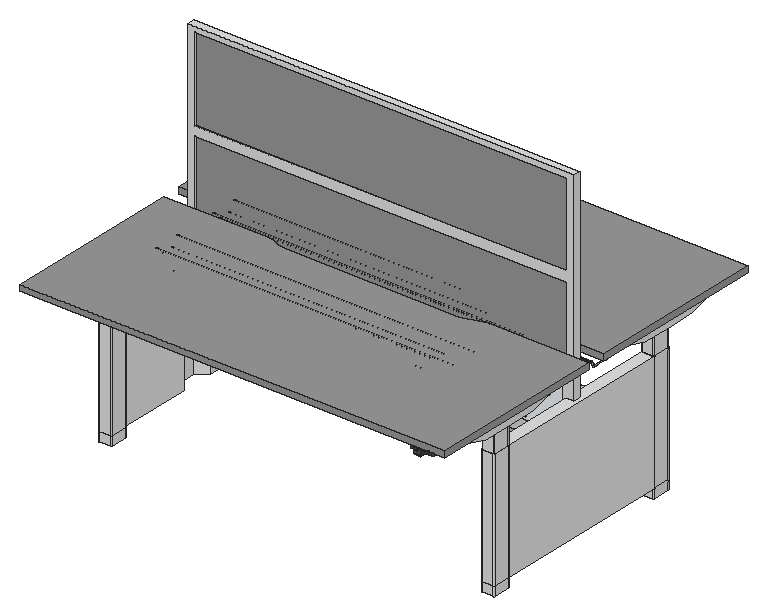
Revit family "Rise Squared Rectangular Desk A&B", category Furniture, Revit 2016
Family settings
  OmniClass Number = 23.40.20.00
  OmniClass Title = General Furniture and Specialties
  Work Plane-Based = No
  Always vertical = Yes
  Cut with Voids When Loaded = No
  Shared = No
  Room Calculation Point = No
Parameters (values of type "1800 x 800")
  Width = 1800 mm
  URL = "www.gof.co.uk"
  Type Comments = ""
  Range = "RISE SQUARED"
  Product Code = "HBS1816"
  Part Glazed Screen [instance] = no
  HeightControl B [instance] = if(Height B < 630 mm, 630 mm, (if(Height B > 1280 mm, 1280 mm, Height B)))  # 727 mm
  HeightControl A [instance] = if(Height A < 630 mm, 630 mm, (if(Height A > 1280 mm, 1280 mm, Height A)))  # 727 mm
  Height B [instance] = 727 mm
  Height A [instance] = 727 mm
  Fabric Screen [instance] = yes
  Endframe Infill Panel Visible [instance] = yes
  Endframe Infill Panel = ""
  Desktop = Gresham - Midnight Ash
  Model = ""
  Manufacturer = "Gresham Office Furniture"  # constant formula
  Frame = Gresham - Silver Metal
  Foot = Gresham - Black Plastic
  Cable Tray Visible [instance] = yes
  Cable Tray = ""
  Assembly Code = "E2020200"
Reference planes
  plane 1 "Center (Front/Back)": y = 0
  plane 2: z = 0
  plane 3 "Center (Left/Right)": x = 0
  plane 4: x = -900
  plane 5: x = 900
  plane 6 "Desktop Underside A": z = 702
  plane 7: y = 380
  plane 8: y = -380
  plane 9 "Foot": z = 15
  plane 10 "Desktop A": z = 727
  plane 11: x = 595.86
  plane 12: x = -595.86
  plane 13 "Controls": x = 850
  plane 14: y = 460
  plane 15: y = 1220
  plane 16: x = -850
  plane 17 "Desktop B": z = 727
  plane 18 "Desktop Underside B": z = 702
Forms (mm)
  Extrusion 1, solid, material "Gresham - Silver Metal" <- "Frame"
    sketch origin (-20.86, 1142, 0) x (0, -1, 0) y (0, 0, -1)
      loop
        line (344.5, -657) -> (310, -657)
        arc (310, -657) -> (307.879, -657.879) -> (307, -660) r 3
        line (307, -660) -> (307, -667) -> (309, -667) -> (309, -660)
        arc (309, -660) -> (309.293, -659.293) -> (310, -659) r 1
        line (310, -659) -> (344.5, -659)
        arc (344.5, -659) -> (345.207, -659.293) -> (345.5, -660) r 1
        line (345.5, -660) -> (345.5, -699)
        arc (345.5, -699) -> (345.207, -699.707) -> (344.5, -700) r 1
        line (344.5, -700) -> (307, -700) -> (307, -702) -> (344.5, -702)
        arc (344.5, -702) -> (346.621, -701.121) -> (347.5, -699) r 3
        line (347.5, -699) -> (347.5, -660)
        arc (347.5, -660) -> (346.621, -657.879) -> (344.5, -657) r 3
    from -575 to 616.72
  Extrusion 2, solid, material "Gresham - Midnight Ash" <- "Desktop"
    sketch origin (0, 0, 975) x (-1, 0, 0) y (0, -1, 0)
      loop
        arc (-416.673, -367.5) -> (-390.732, -358.167) -> (-363.346, -355) r 120
        line (-363.346, -355) -> (363.346, -355)
        arc (363.346, -355) -> (390.732, -358.167) -> (416.673, -367.5) r 120
        arc (416.673, -367.5) -> (442.614, -376.833) -> (470, -380) r 120
        line (470, -380) -> (900, -380) -> (900, 380) -> (-900, 380) -> (-900, -380) -> (-470, -380)
        arc (-470, -380) -> (-442.614, -376.833) -> (-416.673, -367.5) r 120
    from -273 to -248
  Extrusion 3, solid, material "Gresham - Midnight Ash" <- "Desktop"
    sketch origin (0, 840, 702) x (1, 0, 0) y (0, 1, 0)
      loop
        arc (-416.673, -367.5) -> (-390.732, -358.167) -> (-363.346, -355) r 120
        line (-363.346, -355) -> (363.346, -355)
        arc (363.346, -355) -> (390.732, -358.167) -> (416.673, -367.5) r 120
        arc (416.673, -367.5) -> (442.614, -376.833) -> (470, -380) r 120
        line (470, -380) -> (900, -380) -> (900, 380) -> (-900, 380) -> (-900, -380) -> (-470, -380)
        arc (-470, -380) -> (-442.614, -376.833) -> (-416.673, -367.5) r 120
    from 0 to 25
  Extrusion 4, solid, material "Gresham - Silver Metal" <- "Frame"
    sketch origin (4.502, 0, -37.004) x (1, 0, 0) y (0, 0, 1)
      loop
        line (-794.514, 532.004) -> (-834.514, 532.004) -> (-834.514, 452.004) -> (-794.514, 452.004) -> (-794.514, 532.004)
    from -802 to -38
  Extrusion 5, solid, material "Gresham - Silver Metal" <- "Frame"
    sketch origin (-4.502, 0, -37.004) x (-1, 0, 0) y (0, 0, -1)
      loop
        line (-794.514, -532.004) -> (-794.514, -452.004) -> (-834.514, -452.004) -> (-834.514, -532.004) -> (-794.514, -532.004)
    from -802 to -38
  Extrusion 6, solid
    sketch origin (0, 0, 0) x (0, 1, 0) y (0, 0, 1)
      loop
        line (5, 702) -> (5, 700) -> (42.5, 700)
        arc (42.5, 700) -> (43.207, 699.707) -> (43.5, 699) r 1
        line (43.5, 699) -> (43.5, 660)
        arc (43.5, 660) -> (43.207, 659.293) -> (42.5, 659) r 1
        line (42.5, 659) -> (8, 659)
        arc (8, 659) -> (7.293, 659.293) -> (7, 660) r 1
        line (7, 660) -> (7, 667) -> (5, 667) -> (5, 660)
        arc (5, 660) -> (5.879, 657.879) -> (8, 657) r 3
        line (8, 657) -> (42.5, 657)
        arc (42.5, 657) -> (44.621, 657.879) -> (45.5, 660) r 3
        line (45.5, 660) -> (45.5, 699)
        arc (45.5, 699) -> (44.621, 701.121) -> (42.5, 702) r 3
        line (42.5, 702) -> (5, 702)
    from -595.86 to 595.86
Dimensions and locks
  equal spacing: plane 4, plane 3 "Center (Left/Right)", plane 5
  "Width": plane 4 to plane 5
  locked: plane 2 to plane 9 "Foot" at 15
  locked: plane 11 to plane 5 at 304.14
  locked: plane 4 to plane 12 at 304.14
  locked: plane 13 "Controls" to plane 5 at 50
  locked: plane 4 to nested 2 at 100
  locked: nested 2 to plane 5 at 100
  locked: plane 7 to nested 2 at 53.5
  locked: nested 3 to plane 5 at 32.489
  locked: plane 5 to nested 3 at 32.489
  locked: plane 4 to nested 4 at 32.489
  locked: nested 4 to plane 4 at 32.489
  locked: plane 7 to plane 8 at 760
  equal spacing: plane 7, plane 1 "Center (Front/Back)", plane 8
  plane 8 to plane 15 = 1600 mm
  locked: Extrusion 1 sketch curve to Extrusion 1 sketch curve at 41
  locked: nested 5 to plane 5 at 32.489
  locked: plane 5 to nested 5 at 32.489
  locked: plane 4 to nested 6 at 32.489
  locked: nested 6 to plane 4 at 32.489
  locked: plane 4 to plane 16 at 50
  Extrusion 2 sketch curve to Extrusion 2 sketch curve = 430 mm  (x2)
  locked: Extrusion 2 sketch curve to nested 2 at 25
  Extrusion 2 to nested 2 = 363.346 mm
  nested 2 to Extrusion 2 = 363.346 mm
  Extrusion 3 sketch curve to Extrusion 3 sketch curve = 430 mm  (x2)
  plane 3 "Center (Left/Right)" to Extrusion 3 = 363.346 mm
  Extrusion 3 to plane 3 "Center (Left/Right)" = 363.346 mm
  locked: Extrusion 3 sketch curve to plane 14 at 25
  locked: plane 4 to Extrusion 4 at 69.989
  locked: Extrusion 5 to plane 5 at 69.989
  locked: plane 4 to nested 8 at 100
  locked: plane 14 to nested 8 at 53.5
  locked: nested 8 to plane 5 at 100
  locked: level to Extrusion 4 at 415
  locked: level to Extrusion 5 at 415
  locked: nested 10 to plane 5 at 62.076
  locked: plane 4 to nested 11 at 62.076
  "HeightControl A": plane 10 "Desktop A" to plane 2
  "HeightControl B": plane 17 "Desktop B" to level
  locked: plane 17 "Desktop B" to plane 18 "Desktop Underside B" at 25
  locked: plane 10 "Desktop A" to plane 6 "Desktop Underside A" at 25
  locked: Extrusion 6 sketch curve to Extrusion 6 sketch curve at 41
  aligned and locked: level to plane 2
  aligned and locked: nested 1 to plane 13 "Controls"
  aligned and locked: nested 1 to plane 8
  aligned and locked: plane 12 to Extrusion 1
  aligned and locked: plane 11 to Extrusion 1
  aligned and locked: nested 7 to plane 16
  aligned and locked: plane 6 "Desktop Underside A" to nested 7
  aligned and locked: Extrusion 2 to plane 4
  aligned and locked: Extrusion 2 to plane 5
  aligned and locked: plane 10 "Desktop A" to Extrusion 3
  aligned and locked: Extrusion 3 to plane 6 "Desktop Underside A"
  aligned and locked: Extrusion 4 to nested 4
  aligned and locked: Extrusion 4 to nested 6
  aligned and locked: nested 8 to plane 6 "Desktop Underside A"
  aligned and locked: nested 2 to Extrusion 2
  aligned and locked: plane 18 "Desktop Underside B" to nested 1
  aligned and locked: Extrusion 2 to plane 17 "Desktop B"
  aligned and locked: Extrusion 2 to plane 18 "Desktop Underside B"
  aligned and locked: plane 11 to Extrusion 6
  aligned and locked: plane 12 to Extrusion 6
Automatic sketch dimensions
  Extrusion 1 sketch curve to Extrusion 1 sketch curve = 0 mm  (x7)
  Extrusion 1 sketch curve to plane 6 "Desktop Underside A" = 0 mm
  Extrusion 1 sketch curve to plane 6 "Desktop Underside A" = 35 mm
  Extrusion 1 sketch curve to plane 14 = 375 mm
  Extrusion 1 sketch curve to plane 6 "Desktop Underside A" = 2 mm
  Extrusion 1 sketch curve to Extrusion 1 sketch curve = 1 mm  (x2)
  Extrusion 1 sketch curve to Extrusion 1 sketch curve = 37.5 mm
  Extrusion 1 sketch curve to Extrusion 1 sketch curve = 34.5 mm
  Extrusion 2 sketch curve to plane 5 = 0 mm
  Extrusion 2 sketch curve to plane 7 = 0 mm  (x2)
  Extrusion 2 sketch curve to plane 4 = 0 mm
  Extrusion 2 sketch curve to plane 8 = 0 mm
  Extrusion 2 sketch curve to plane 14 = 15 mm  (x2)
  Extrusion 2 sketch curve to Extrusion 2 sketch curve = 106.654 mm  (x2)
  Extrusion 2 sketch curve to plane 7 = 120 mm  (x2)
  Extrusion 3 sketch curve to plane 4 = 0 mm
  plane 14 to Extrusion 3 sketch curve = 0 mm  (x2)
  Extrusion 3 sketch curve to plane 5 = 0 mm
  plane 15 to Extrusion 3 sketch curve = 0 mm
  Extrusion 3 sketch curve to plane 7 = 15 mm  (x2)
  Extrusion 3 sketch curve to Extrusion 3 sketch curve = 106.654 mm  (x2)
  Extrusion 3 sketch curve to Extrusion 3 sketch curve = 120 mm  (x2)
  plane 16 to Extrusion 4 sketch curve = 19.989 mm
  Extrusion 4 sketch curve to Extrusion 4 sketch curve = 40 mm
  Extrusion 4 sketch curve to plane 6 "Desktop Underside A" = 287 mm
  Extrusion 4 sketch curve to Extrusion 4 sketch curve = 80 mm
  Extrusion 5 sketch curve to plane 13 "Controls" = 19.989 mm
  Extrusion 5 sketch curve to Extrusion 5 sketch curve = 40 mm
  plane 6 "Desktop Underside A" to Extrusion 5 sketch curve = 287 mm
  Extrusion 5 sketch curve to Extrusion 5 sketch curve = 80 mm
  Extrusion 6 sketch curve to Extrusion 6 sketch curve = 0 mm  (x5)
  Extrusion 6 sketch curve to plane 18 "Desktop Underside B" = 0 mm
  Extrusion 6 sketch curve to plane 1 "Center (Front/Back)" = 5 mm  (x2)
  Extrusion 6 sketch curve to Extrusion 6 sketch curve = 2 mm  (x2)
  Extrusion 6 sketch curve to Extrusion 6 sketch curve = 1 mm  (x2)
  Extrusion 6 sketch curve to Extrusion 6 sketch curve = 34.5 mm
  Extrusion 6 sketch curve to Extrusion 6 sketch curve = 37.5 mm
  Extrusion 6 sketch curve to Extrusion 6 sketch curve = 7 mm
Nested families
  nested 1: "Controls" at (800, -347.5, 690), type "Controls"
  nested 2: "Cable Tray" at (0, -20, 0), type "Cable Tray"
    with HeightControl 727 mm, Height 727 mm
  nested 3: "Rise Squared Leg" at (5, -202, 0), Height <- "HeightControl B", type "Rise Squared Leg"
    with HeightControl 727 mm, Height 727 mm
  nested 4: "Rise Squared Leg" at (-5, -202, 0) x (-1, 0, 0) z (0, 0, 1), Height <- "HeightControl B", type "Rise Squared Leg"
    with HeightControl 727 mm, Height 727 mm
  nested 5: "Rise Squared Leg" at (5, 1042, 0), Height <- "HeightControl A", type "Rise Squared Leg"
    with HeightControl 727 mm, Height 727 mm
  nested 6: "Rise Squared Leg" at (-5, 1042, 0) x (-1, 0, 0) z (0, 0, 1), Height <- "HeightControl A", type "Rise Squared Leg"
    with HeightControl 727 mm, Height 727 mm
  nested 7: "Controls" at (-800, 1187.5, 690) x (-1, 0, 0) z (0, 0, 1), type "Controls"
  nested 8: "Cable Tray" at (0, 860, 0), type "Cable Tray"
    with HeightControl 727 mm, Height 727 mm
  nested 9: "Cable Trough" at (0, 0, -2), type "1800 x 800"
  nested 10: "Endframe Infill Panel" at (0, 0, 0), Endframe Infill Panel Visible <- "Endframe Infill Panel Visible", type "Endframe Infill Panel"
    with Endframe Infill Panel Visible yes
  nested 11: "Endframe Infill Panel" at (0, 0, 0) x (-1, 0, 0) z (0, 0, 1), Endframe Infill Panel Visible <- "Endframe Infill Panel Visible", type "Endframe Infill Panel"
    with Endframe Infill Panel Visible yes
  nested 12: "Fabric Screen" at (0, 0, 0), visible <- "Fabric Screen", type "Fabric Screen"
  nested 13: "Part Glazed Screen" at (0, 0, 0), visible <- "Part Glazed Screen", type "Part Glazed Screen"
Definition of nested family "Controls"
  Parameters (values of type "Controls")
    URL = "www.gof.co.uk"
    Rubber Keys = none
    Range = "RANGE LT"
    Product Code = "Controls"
    Plastic Case = none
    Manufacturer = "Gresham Office Furniture"  # constant formula
  Reference planes
    plane 1 "Center (Front/Back)": y = 0
    plane 2: z = 0
    plane 3 "Center (Left/Right)": x = 0
  Forms (mm)
    Extrusion 1, solid, material <- "Plastic Case"
      sketch origin (0, 0, 0) x (1, 0, 0) y (0, 1, 0)
        loop
          arc (-45, 32.5) -> (-48.536, 31.036) -> (-50, 27.5) r 5
          line (-50, 27.5) -> (-50, -27.5)
          arc (-50, -27.5) -> (-48.536, -31.036) -> (-45, -32.5) r 5
          line (-45, -32.5) -> (45, -32.5)
          arc (45, -32.5) -> (48.536, -31.036) -> (50, -27.5) r 5
          line (50, -27.5) -> (50, 27.5)
          arc (50, 27.5) -> (48.536, 31.036) -> (45, 32.5) r 5
          line (45, 32.5) -> (-45, 32.5)
      from 0 to 12
    Sweep 2, solid, material <- "Plastic Case"
      path origin (0, 0, 2) x (0, 1, 0) y (0, 0, 1)
        loop
          line (-32.5, 6) -> (-36.392, 6)
          arc (-36.392, 6) -> (-37.474, 5.881) -> (-38.505, 5.532) r 5
          line (-38.505, 5.532) -> (-55.626, -2.452)
      profile origin (0, -34.446, 8) x (0, 0, -1) y (1, 0, 0)
        loop
          line (-4, 30) -> (-4, -30) -> (4, -30) -> (4, 30) -> (-4, 30)
    Extrusion 3, void
      sketch origin (-30, -40.195, 11.157) x (0, -0.906308, -0.422618) y (1, 0, 0)
        loop
          line (18.892, 75) -> (-7.33, 75) -> (-7.33, 60) -> (10.178, 50.091)
          arc (10.178, 50.091) -> (14.833, 46.912) -> (18.892, 43) r 33.579
          line (18.892, 43) -> (18.892, 75)
      from -13.674 to 7.77
    Extrusion 4, void
      sketch origin (30, -40.195, 11.157) x (0, -0.906308, -0.422618) y (1, 0, 0)
        loop
          line (18.892, -75) -> (18.892, -43)
          arc (18.892, -43) -> (14.833, -46.912) -> (10.178, -50.091) r 33.579
          line (10.178, -50.091) -> (-7.33, -60) -> (-7.33, -75) -> (18.892, -75)
      from -13.674 to 7.77
    Extrusion 5, solid, material <- "Rubber Keys"
      sketch origin (-30, -40.195, 11.157) x (0, -0.906308, -0.422618) y (1, 0, 0)
        loop
          line (0.281, 19.363) -> (8.531, 14.6) -> (8.531, 24.126) -> (0.281, 19.363)
        loop
          line (0.656, 35.874) -> (8.906, 40.637) -> (0.656, 45.4) -> (0.656, 35.874)
      from 0 to 1.5
  Cuts and joins
    Extrusion 3, Extrusion 4 cuts Sweep 2
  Dimensions and locks
    aligned and locked: level to plane 2
Definition of nested family "Cable Tray"
  Parameters (values of type "Cable Tray")
    Width = 1800 mm
    URL = "www.gof.co.uk"
    Type Comments = ""
    Range = "RISE LT"
    Product Code = ""
    Modesty Panel = none
    HeightControl [instance] = if(Height < 720 mm, 720 mm, (if(Height > 1200 mm, 1200 mm, Height)))  # 727 mm
    Height [instance] = 727 mm
    Desktop = none
    Model = ""
    Manufacturer = "Gresham Office Furniture"  # constant formula
    Frame = none
    Foot = none
    Cable Tray Clips = none
    Cable Tray = yes
    Assembly Code = "E2020200"
  Reference planes
    plane 1 "Center (Front/Back)": y = 0
    plane 2: z = 0
    plane 3 "Center (Left/Right)": x = 0
    plane 4: x = -900
    plane 5: x = 900
    plane 6 "Desktop Underside": z = 702
    plane 7: y = 400
    plane 8: y = -400
    plane 9 "Foot": z = 15
    plane 10: z = 727
    plane 11 "Cable Tray Left": x = -800
    plane 12 "Cable Tray Right": x = 800
  Forms (mm)
    Extrusion 1, solid, material <- "Frame", visible <- "Cable Tray"
      sketch origin (0, 12.089, -4.885) x (0, 1, 0) y (0, 0, 1)
        loop
          circle (301.911, 615.385) r 1.5
        loop
          circle (251.911, 615.385) r 1.5
        loop
          circle (220.911, 645.385) r 1.5
        loop
          circle (332.911, 645.385) r 1.5
      from -800 to 800
    Sweep 2, solid, material <- "Frame", visible <- "Cable Tray"
      path in 3D
        loop
          line (0, 341.76, 640.5) -> (0, 333.661, 615.573)
          arc (0, 333.661, 615.573) -> (0, 332.571, 614.073) -> (0, 330.808, 613.5) r 3
          line (0, 330.808, 613.5) -> (0, 247.192, 613.5)
          arc (0, 247.192, 613.5) -> (0, 245.429, 614.073) -> (0, 244.339, 615.573) r 3
          line (0, 244.339, 615.573) -> (0, 236.24, 640.5)
      profile origin (0, 289, 613.5) x (0, 0, 1) y (-1, 0, 0)
        loop
          circle (0, 0) r 1.5
    Sweep 3, solid, material <- "Frame", visible <- "Cable Tray", not visible
      path in 3D
        loop
          line (0, 329.671, 645.385) -> (0, 321.572, 620.458)
          arc (0, 321.572, 620.458) -> (0, 320.482, 618.958) -> (0, 318.719, 618.385) r 3
          line (0, 318.719, 618.385) -> (0, 235.103, 618.385)
          arc (0, 235.103, 618.385) -> (0, 233.34, 618.958) -> (0, 232.25, 620.458) r 3
          line (0, 232.25, 620.458) -> (0, 224.151, 645.385)
      profile origin (0, 276.911, 618.385) x (0, 0, 1) y (-1, 0, 0)
        loop
          circle (0, 0) r 1.5
    Sweep 4, solid, material <- "Frame", visible <- "Cable Tray"
      path in 3D
        loop
          line (800, 342.073, 640.5) -> (800, 333.974, 615.573)
          arc (800, 333.974, 615.573) -> (800, 332.884, 614.073) -> (800, 331.121, 613.5) r 3
          line (800, 331.121, 613.5) -> (800, 247.505, 613.5)
          arc (800, 247.505, 613.5) -> (800, 245.742, 614.073) -> (800, 244.652, 615.573) r 3
          line (800, 244.652, 615.573) -> (800, 236.553, 640.5)
      profile origin (800, 289.313, 613.5) x (0, 0, 1) y (-1, 0, 0)
        loop
          circle (0, 0) r 1.5
    Sweep 5, solid, material <- "Frame", visible <- "Cable Tray"
      path in 3D
        loop
          line (-800, 342.073, 640.5) -> (-800, 333.974, 615.573)
          arc (-800, 333.974, 615.573) -> (-800, 332.884, 614.073) -> (-800, 331.121, 613.5) r 3
          line (-800, 331.121, 613.5) -> (-800, 247.505, 613.5)
          arc (-800, 247.505, 613.5) -> (-800, 245.742, 614.073) -> (-800, 244.652, 615.573) r 3
          line (-800, 244.652, 615.573) -> (-800, 236.553, 640.5)
      profile origin (-800, 289.313, 613.5) x (0, 0, 1) y (-1, 0, 0)
        loop
          circle (0, 0) r 1.5
    Sweep 6, solid, material <- "Frame", visible <- "Cable Tray"
      path in 3D
        loop
          line (100, 341.76, 640.5) -> (100, 333.661, 615.573)
          arc (100, 333.661, 615.573) -> (100, 332.571, 614.073) -> (100, 330.808, 613.5) r 3
          line (100, 330.808, 613.5) -> (100, 247.192, 613.5)
          arc (100, 247.192, 613.5) -> (100, 245.429, 614.073) -> (100, 244.339, 615.573) r 3
          line (100, 244.339, 615.573) -> (100, 236.24, 640.5)
      profile origin (100, 289, 613.5) x (0, 0, 1) y (-1, 0, 0)
        loop
          circle (0, 0) r 1.5
    Sweep 7, solid, material <- "Frame", visible <- "Cable Tray"
      path in 3D
        loop
          line (300, 341.76, 640.5) -> (300, 333.661, 615.573)
          arc (300, 333.661, 615.573) -> (300, 332.571, 614.073) -> (300, 330.808, 613.5) r 3
          line (300, 330.808, 613.5) -> (300, 247.192, 613.5)
          arc (300, 247.192, 613.5) -> (300, 245.429, 614.073) -> (300, 244.339, 615.573) r 3
          line (300, 244.339, 615.573) -> (300, 236.24, 640.5)
      profile origin (300, 289, 613.5) x (0, 0, 1) y (-1, 0, 0)
        loop
          circle (0, 0) r 1.5
    Sweep 8, solid, material <- "Frame", visible <- "Cable Tray"
      path in 3D
        loop
          line (400, 341.76, 640.5) -> (400, 333.661, 615.573)
          arc (400, 333.661, 615.573) -> (400, 332.571, 614.073) -> (400, 330.808, 613.5) r 3
          line (400, 330.808, 613.5) -> (400, 247.192, 613.5)
          arc (400, 247.192, 613.5) -> (400, 245.429, 614.073) -> (400, 244.339, 615.573) r 3
          line (400, 244.339, 615.573) -> (400, 236.24, 640.5)
      profile origin (400, 289, 613.5) x (0, 0, 1) y (-1, 0, 0)
        loop
          circle (0, 0) r 1.5
    Sweep 9, solid, material <- "Frame", visible <- "Cable Tray"
      path in 3D
        loop
          line (500, 341.76, 640.5) -> (500, 333.661, 615.573)
          arc (500, 333.661, 615.573) -> (500, 332.571, 614.073) -> (500, 330.808, 613.5) r 3
          line (500, 330.808, 613.5) -> (500, 247.192, 613.5)
          arc (500, 247.192, 613.5) -> (500, 245.429, 614.073) -> (500, 244.339, 615.573) r 3
          line (500, 244.339, 615.573) -> (500, 236.24, 640.5)
      profile origin (500, 289, 613.5) x (0, 0, 1) y (-1, 0, 0)
        loop
          circle (0, 0) r 1.5
    Sweep 10, solid, material <- "Frame", visible <- "Cable Tray"
      path in 3D
        loop
          line (600, 341.76, 640.5) -> (600, 333.661, 615.573)
          arc (600, 333.661, 615.573) -> (600, 332.571, 614.073) -> (600, 330.808, 613.5) r 3
          line (600, 330.808, 613.5) -> (600, 247.192, 613.5)
          arc (600, 247.192, 613.5) -> (600, 245.429, 614.073) -> (600, 244.339, 615.573) r 3
          line (600, 244.339, 615.573) -> (600, 236.24, 640.5)
      profile origin (600, 289, 613.5) x (0, 0, 1) y (-1, 0, 0)
        loop
          circle (0, 0) r 1.5
    Sweep 11, solid, material <- "Frame", visible <- "Cable Tray"
      path in 3D
        loop
          line (700, 341.76, 640.5) -> (700, 333.661, 615.573)
          arc (700, 333.661, 615.573) -> (700, 332.571, 614.073) -> (700, 330.808, 613.5) r 3
          line (700, 330.808, 613.5) -> (700, 247.192, 613.5)
          arc (700, 247.192, 613.5) -> (700, 245.429, 614.073) -> (700, 244.339, 615.573) r 3
          line (700, 244.339, 615.573) -> (700, 236.24, 640.5)
      profile origin (700, 289, 613.5) x (0, 0, 1) y (-1, 0, 0)
        loop
          circle (0, 0) r 1.5
    Sweep 12, solid, material <- "Frame", visible <- "Cable Tray"
      path in 3D
        loop
          line (200, 341.76, 640.5) -> (200, 333.661, 615.573)
          arc (200, 333.661, 615.573) -> (200, 332.571, 614.073) -> (200, 330.808, 613.5) r 3
          line (200, 330.808, 613.5) -> (200, 247.192, 613.5)
          arc (200, 247.192, 613.5) -> (200, 245.429, 614.073) -> (200, 244.339, 615.573) r 3
          line (200, 244.339, 615.573) -> (200, 236.24, 640.5)
      profile origin (200, 289, 613.5) x (0, 0, 1) y (-1, 0, 0)
        loop
          circle (0, 0) r 1.5
    Sweep 13, solid, material <- "Frame", visible <- "Cable Tray"
      path in 3D
        loop
          line (-100, 341.76, 640.5) -> (-100, 333.661, 615.573)
          arc (-100, 333.661, 615.573) -> (-100, 332.571, 614.073) -> (-100, 330.808, 613.5) r 3
          line (-100, 330.808, 613.5) -> (-100, 247.192, 613.5)
          arc (-100, 247.192, 613.5) -> (-100, 245.429, 614.073) -> (-100, 244.339, 615.573) r 3
          line (-100, 244.339, 615.573) -> (-100, 236.24, 640.5)
      profile origin (-100, 289, 613.5) x (0, 0, 1) y (-1, 0, 0)
        loop
          circle (0, 0) r 1.5
    Sweep 14, solid, material <- "Frame", visible <- "Cable Tray"
      path in 3D
        loop
          line (-300, 341.76, 640.5) -> (-300, 333.661, 615.573)
          arc (-300, 333.661, 615.573) -> (-300, 332.571, 614.073) -> (-300, 330.808, 613.5) r 3
          line (-300, 330.808, 613.5) -> (-300, 247.192, 613.5)
          arc (-300, 247.192, 613.5) -> (-300, 245.429, 614.073) -> (-300, 244.339, 615.573) r 3
          line (-300, 244.339, 615.573) -> (-300, 236.24, 640.5)
      profile origin (-300, 289, 613.5) x (0, 0, 1) y (-1, 0, 0)
        loop
          circle (0, 0) r 1.5
    Sweep 15, solid, material <- "Frame", visible <- "Cable Tray"
      path in 3D
        loop
          line (-400, 341.76, 640.5) -> (-400, 333.661, 615.573)
          arc (-400, 333.661, 615.573) -> (-400, 332.571, 614.073) -> (-400, 330.808, 613.5) r 3
          line (-400, 330.808, 613.5) -> (-400, 247.192, 613.5)
          arc (-400, 247.192, 613.5) -> (-400, 245.429, 614.073) -> (-400, 244.339, 615.573) r 3
          line (-400, 244.339, 615.573) -> (-400, 236.24, 640.5)
      profile origin (-400, 289, 613.5) x (0, 0, 1) y (-1, 0, 0)
        loop
          circle (0, 0) r 1.5
    Sweep 16, solid, material <- "Frame", visible <- "Cable Tray"
      path in 3D
        loop
          line (-500, 341.76, 640.5) -> (-500, 333.661, 615.573)
          arc (-500, 333.661, 615.573) -> (-500, 332.571, 614.073) -> (-500, 330.808, 613.5) r 3
          line (-500, 330.808, 613.5) -> (-500, 247.192, 613.5)
          arc (-500, 247.192, 613.5) -> (-500, 245.429, 614.073) -> (-500, 244.339, 615.573) r 3
          line (-500, 244.339, 615.573) -> (-500, 236.24, 640.5)
      profile origin (-500, 289, 613.5) x (0, 0, 1) y (-1, 0, 0)
        loop
          circle (0, 0) r 1.5
    Sweep 17, solid, material <- "Frame", visible <- "Cable Tray"
      path in 3D
        loop
          line (-600, 341.76, 640.5) -> (-600, 333.661, 615.573)
          arc (-600, 333.661, 615.573) -> (-600, 332.571, 614.073) -> (-600, 330.808, 613.5) r 3
          line (-600, 330.808, 613.5) -> (-600, 247.192, 613.5)
          arc (-600, 247.192, 613.5) -> (-600, 245.429, 614.073) -> (-600, 244.339, 615.573) r 3
          line (-600, 244.339, 615.573) -> (-600, 236.24, 640.5)
      profile origin (-600, 289, 613.5) x (0, 0, 1) y (-1, 0, 0)
        loop
          circle (0, 0) r 1.5
    Sweep 18, solid, material <- "Frame", visible <- "Cable Tray"
      path in 3D
        loop
          line (-700, 341.76, 640.5) -> (-700, 333.661, 615.573)
          arc (-700, 333.661, 615.573) -> (-700, 332.571, 614.073) -> (-700, 330.808, 613.5) r 3
          line (-700, 330.808, 613.5) -> (-700, 247.192, 613.5)
          arc (-700, 247.192, 613.5) -> (-700, 245.429, 614.073) -> (-700, 244.339, 615.573) r 3
          line (-700, 244.339, 615.573) -> (-700, 236.24, 640.5)
      profile origin (-700, 289, 613.5) x (0, 0, 1) y (-1, 0, 0)
        loop
          circle (0, 0) r 1.5
    Sweep 19, solid, material <- "Frame", visible <- "Cable Tray"
      path in 3D
        loop
          line (-200, 341.76, 640.5) -> (-200, 333.661, 615.573)
          arc (-200, 333.661, 615.573) -> (-200, 332.571, 614.073) -> (-200, 330.808, 613.5) r 3
          line (-200, 330.808, 613.5) -> (-200, 247.192, 613.5)
          arc (-200, 247.192, 613.5) -> (-200, 245.429, 614.073) -> (-200, 244.339, 615.573) r 3
          line (-200, 244.339, 615.573) -> (-200, 236.24, 640.5)
      profile origin (-200, 289, 613.5) x (0, 0, 1) y (-1, 0, 0)
        loop
          circle (0, 0) r 1.5
    Extrusion 20, solid, material <- "Cable Tray Clips", visible <- "Cable Tray"
      sketch origin (615, 0, 0) x (0, 1, 0) y (0, 0, 1)
        loop
          arc (346.5, 640.5) -> (345, 639) -> (343.5, 640.5) r 1.5
          line (343.5, 640.5) -> (343.5, 645.926) -> (340.5, 645.926) -> (340.5, 640.5)
          arc (340.5, 640.5) -> (345, 636) -> (349.5, 640.5) r 4.5
          line (349.5, 640.5) -> (349.5, 677.5)
          arc (349.5, 677.5) -> (348.692, 680.415) -> (346.5, 682.5) r 5.667
          arc (346.5, 682.5) -> (322.774, 690.464) -> (297.984, 693.899) r 134.615
          line (297.984, 693.899) -> (297.984, 697) -> (303.984, 697) -> (303.984, 702) -> (279.984, 702) -> (279.984, 697) -> (285.984, 697) -> (285.984, 693.899)
          arc (285.984, 693.899) -> (261.193, 690.464) -> (237.467, 682.5) r 134.615
          arc (237.467, 682.5) -> (235.275, 680.415) -> (234.435, 677.5) r 5.667
          line (234.435, 677.5) -> (234.435, 670.5)
          arc (234.435, 670.5) -> (232.935, 669) -> (231.435, 670.5) r 1.5
          line (231.435, 670.5) -> (231.435, 675.5) -> (228.435, 675.5) -> (228.435, 670.5)
          arc (228.435, 670.5) -> (230.365, 666.806) -> (234.5, 666.281) r 4.5
          line (234.5, 666.281) -> (234.5, 640.5)
          arc (234.5, 640.5) -> (233, 639) -> (231.5, 640.5) r 1.5
          line (231.5, 640.5) -> (231.5, 645.5) -> (228.5, 645.5) -> (228.5, 640.5)
          arc (228.5, 640.5) -> (233, 636) -> (237.5, 640.5) r 4.5
          line (237.5, 640.5) -> (237.5, 677.793)
          arc (237.5, 677.793) -> (237.882, 679.174) -> (238.92, 680.161) r 2.683
          arc (238.92, 680.161) -> (291.984, 691.033) -> (345.047, 680.161) r 134.926
          arc (345.047, 680.161) -> (346.085, 679.174) -> (346.467, 677.793) r 2.683
          line (346.467, 677.793) -> (346.467, 670.5)
          arc (346.467, 670.5) -> (344.951, 668.984) -> (343.435, 670.5) r 1.516
          line (343.435, 670.5) -> (343.435, 675.5) -> (340.435, 675.5) -> (340.435, 670.5)
          arc (340.435, 670.5) -> (342.365, 666.806) -> (346.5, 666.281) r 4.5
          line (346.5, 666.281) -> (346.5, 640.5)
      from 0 to 25
    Extrusion 21, solid, material <- "Cable Tray Clips", visible <- "Cable Tray"
      sketch origin (-615, 0, 0) x (0, 1, 0) y (0, 0, -1)
        loop
          line (346.5, -640.5) -> (346.5, -666.281)
          arc (346.5, -666.281) -> (342.365, -666.806) -> (340.435, -670.5) r 4.5
          line (340.435, -670.5) -> (340.435, -675.5) -> (343.435, -675.5) -> (343.435, -670.5)
          arc (343.435, -670.5) -> (344.951, -668.984) -> (346.467, -670.5) r 1.516
          line (346.467, -670.5) -> (346.467, -677.793)
          arc (346.467, -677.793) -> (346.085, -679.174) -> (345.047, -680.161) r 2.683
          arc (345.047, -680.161) -> (291.984, -691.033) -> (238.92, -680.161) r 134.926
          arc (238.92, -680.161) -> (237.882, -679.174) -> (237.5, -677.793) r 2.683
          line (237.5, -677.793) -> (237.5, -640.5)
          arc (237.5, -640.5) -> (233, -636) -> (228.5, -640.5) r 4.5
          line (228.5, -640.5) -> (228.5, -645.5) -> (231.5, -645.5) -> (231.5, -640.5)
          arc (231.5, -640.5) -> (233, -639) -> (234.5, -640.5) r 1.5
          line (234.5, -640.5) -> (234.5, -666.281)
          arc (234.5, -666.281) -> (230.365, -666.806) -> (228.435, -670.5) r 4.5
          line (228.435, -670.5) -> (228.435, -675.5) -> (231.435, -675.5) -> (231.435, -670.5)
          arc (231.435, -670.5) -> (232.935, -669) -> (234.435, -670.5) r 1.5
          line (234.435, -670.5) -> (234.435, -677.5)
          arc (234.435, -677.5) -> (235.275, -680.415) -> (237.467, -682.5) r 5.667
          arc (237.467, -682.5) -> (261.193, -690.464) -> (285.984, -693.899) r 134.615
          line (285.984, -693.899) -> (285.984, -697) -> (279.984, -697) -> (279.984, -702) -> (303.984, -702) -> (303.984, -697) -> (297.984, -697) -> (297.984, -693.899)
          arc (297.984, -693.899) -> (322.774, -690.464) -> (346.5, -682.5) r 134.615
          arc (346.5, -682.5) -> (348.692, -680.415) -> (349.5, -677.5) r 5.667
          line (349.5, -677.5) -> (349.5, -640.5)
          arc (349.5, -640.5) -> (345, -636) -> (340.5, -640.5) r 4.5
          line (340.5, -640.5) -> (340.5, -645.926) -> (343.5, -645.926) -> (343.5, -640.5)
          arc (343.5, -640.5) -> (345, -639) -> (346.5, -640.5) r 1.5
      from 0 to 25
  Lines and regions (mm)
    model lines, not visible
      curve 1: arc (0, 315.5, 610.5) -> (0, 314, 612) -> (0, 312.5, 610.5) r 1.5
      curve 2: arc (0, 265.5, 610.5) -> (0, 264, 612) -> (0, 262.5, 610.5) r 1.5
      curve 3: line (0, 330.808, 613.5) -> (0, 247.192, 613.5)
      curve 4: line (0, 244.339, 615.573) -> (0, 236.24, 640.5)
      curve 5: arc (0, 247.192, 613.5) -> (0, 245.429, 614.073) -> (0, 244.339, 615.573) r 3
      curve 6: line (0, 333.661, 615.573) -> (0, 341.76, 640.5)
      curve 7: arc (0, 330.808, 613.5) -> (0, 332.571, 614.073) -> (0, 333.661, 615.573) r 3
      curve 13: arc (0, 303.411, 615.385) -> (0, 301.911, 616.885) -> (0, 300.411, 615.385) r 1.5
      curve 14: arc (0, 253.411, 615.385) -> (0, 251.911, 616.885) -> (0, 250.411, 615.385) r 1.5
      curve 15: line (0, 318.719, 618.385) -> (0, 235.103, 618.385)
      curve 16: line (0, 232.25, 620.458) -> (0, 224.151, 645.385)
      curve 17: arc (0, 235.103, 618.385) -> (0, 233.34, 618.958) -> (0, 232.25, 620.458) r 3
      curve 18: line (0, 321.572, 620.458) -> (0, 329.671, 645.385)
      curve 19: arc (0, 318.719, 618.385) -> (0, 320.482, 618.958) -> (0, 321.572, 620.458) r 3
      curve 25: arc (800, 315.813, 610.5) -> (800, 314.313, 612) -> (800, 312.813, 610.5) r 1.5
      curve 26: arc (800, 265.813, 610.5) -> (800, 264.313, 612) -> (800, 262.813, 610.5) r 1.5
      curve 27: line (800, 331.121, 613.5) -> (800, 247.505, 613.5)
      curve 28: line (800, 244.652, 615.573) -> (800, 236.553, 640.5)
      curve 29: arc (800, 247.505, 613.5) -> (800, 245.742, 614.073) -> (800, 244.652, 615.573) r 3
      curve 30: line (800, 333.974, 615.573) -> (800, 342.073, 640.5)
      curve 31: arc (800, 331.121, 613.5) -> (800, 332.884, 614.073) -> (800, 333.974, 615.573) r 3
      curve 37: arc (-800, 315.813, 610.5) -> (-800, 314.313, 612) -> (-800, 312.813, 610.5) r 1.5
      curve 38: arc (-800, 265.813, 610.5) -> (-800, 264.313, 612) -> (-800, 262.813, 610.5) r 1.5
      curve 39: line (-800, 331.121, 613.5) -> (-800, 247.505, 613.5)
      curve 40: line (-800, 244.652, 615.573) -> (-800, 236.553, 640.5)
      curve 41: arc (-800, 247.505, 613.5) -> (-800, 245.742, 614.073) -> (-800, 244.652, 615.573) r 3
      curve 42: line (-800, 333.974, 615.573) -> (-800, 342.073, 640.5)
      curve 43: arc (-800, 331.121, 613.5) -> (-800, 332.884, 614.073) -> (-800, 333.974, 615.573) r 3
      curve 49: arc (100, 315.5, 610.5) -> (100, 314, 612) -> (100, 312.5, 610.5) r 1.5
      curve 50: arc (100, 265.5, 610.5) -> (100, 264, 612) -> (100, 262.5, 610.5) r 1.5
      curve 51: line (100, 330.808, 613.5) -> (100, 247.192, 613.5)
      curve 52: line (100, 244.339, 615.573) -> (100, 236.24, 640.5)
      curve 53: arc (100, 247.192, 613.5) -> (100, 245.429, 614.073) -> (100, 244.339, 615.573) r 3
      curve 54: line (100, 333.661, 615.573) -> (100, 341.76, 640.5)
      curve 55: arc (100, 330.808, 613.5) -> (100, 332.571, 614.073) -> (100, 333.661, 615.573) r 3
      curve 61: arc (300, 315.5, 610.5) -> (300, 314, 612) -> (300, 312.5, 610.5) r 1.5
      curve 62: arc (300, 265.5, 610.5) -> (300, 264, 612) -> (300, 262.5, 610.5) r 1.5
      curve 63: line (300, 330.808, 613.5) -> (300, 247.192, 613.5)
      curve 64: line (300, 244.339, 615.573) -> (300, 236.24, 640.5)
      curve 65: arc (300, 247.192, 613.5) -> (300, 245.429, 614.073) -> (300, 244.339, 615.573) r 3
      curve 66: line (300, 333.661, 615.573) -> (300, 341.76, 640.5)
      curve 67: arc (300, 330.808, 613.5) -> (300, 332.571, 614.073) -> (300, 333.661, 615.573) r 3
      curve 73: arc (400, 315.5, 610.5) -> (400, 314, 612) -> (400, 312.5, 610.5) r 1.5
      curve 74: arc (400, 265.5, 610.5) -> (400, 264, 612) -> (400, 262.5, 610.5) r 1.5
      curve 75: line (400, 330.808, 613.5) -> (400, 247.192, 613.5)
      curve 76: line (400, 244.339, 615.573) -> (400, 236.24, 640.5)
      curve 77: arc (400, 247.192, 613.5) -> (400, 245.429, 614.073) -> (400, 244.339, 615.573) r 3
      curve 78: line (400, 333.661, 615.573) -> (400, 341.76, 640.5)
      curve 79: arc (400, 330.808, 613.5) -> (400, 332.571, 614.073) -> (400, 333.661, 615.573) r 3
      curve 85: arc (500, 315.5, 610.5) -> (500, 314, 612) -> (500, 312.5, 610.5) r 1.5
      curve 86: arc (500, 265.5, 610.5) -> (500, 264, 612) -> (500, 262.5, 610.5) r 1.5
      curve 87: line (500, 330.808, 613.5) -> (500, 247.192, 613.5)
      curve 88: line (500, 244.339, 615.573) -> (500, 236.24, 640.5)
      curve 89: arc (500, 247.192, 613.5) -> (500, 245.429, 614.073) -> (500, 244.339, 615.573) r 3
      curve 90: line (500, 333.661, 615.573) -> (500, 341.76, 640.5)
      curve 91: arc (500, 330.808, 613.5) -> (500, 332.571, 614.073) -> (500, 333.661, 615.573) r 3
      curve 97: arc (600, 315.5, 610.5) -> (600, 314, 612) -> (600, 312.5, 610.5) r 1.5
      curve 98: arc (600, 265.5, 610.5) -> (600, 264, 612) -> (600, 262.5, 610.5) r 1.5
      curve 99: line (600, 330.808, 613.5) -> (600, 247.192, 613.5)
      curve 100: line (600, 244.339, 615.573) -> (600, 236.24, 640.5)
      curve 101: arc (600, 247.192, 613.5) -> (600, 245.429, 614.073) -> (600, 244.339, 615.573) r 3
      curve 102: line (600, 333.661, 615.573) -> (600, 341.76, 640.5)
      curve 103: arc (600, 330.808, 613.5) -> (600, 332.571, 614.073) -> (600, 333.661, 615.573) r 3
      curve 109: arc (700, 315.5, 610.5) -> (700, 314, 612) -> (700, 312.5, 610.5) r 1.5
      curve 110: arc (700, 265.5, 610.5) -> (700, 264, 612) -> (700, 262.5, 610.5) r 1.5
      curve 111: line (700, 330.808, 613.5) -> (700, 247.192, 613.5)
      curve 112: line (700, 244.339, 615.573) -> (700, 236.24, 640.5)
      curve 113: arc (700, 247.192, 613.5) -> (700, 245.429, 614.073) -> (700, 244.339, 615.573) r 3
      curve 114: line (700, 333.661, 615.573) -> (700, 341.76, 640.5)
      curve 115: arc (700, 330.808, 613.5) -> (700, 332.571, 614.073) -> (700, 333.661, 615.573) r 3
      curve 121: arc (200, 315.5, 610.5) -> (200, 314, 612) -> (200, 312.5, 610.5) r 1.5
      curve 122: arc (200, 265.5, 610.5) -> (200, 264, 612) -> (200, 262.5, 610.5) r 1.5
      curve 123: line (200, 330.808, 613.5) -> (200, 247.192, 613.5)
      curve 124: line (200, 244.339, 615.573) -> (200, 236.24, 640.5)
      curve 125: arc (200, 247.192, 613.5) -> (200, 245.429, 614.073) -> (200, 244.339, 615.573) r 3
      curve 126: line (200, 333.661, 615.573) -> (200, 341.76, 640.5)
      curve 127: arc (200, 330.808, 613.5) -> (200, 332.571, 614.073) -> (200, 333.661, 615.573) r 3
      curve 133: arc (-100, 315.5, 610.5) -> (-100, 314, 612) -> (-100, 312.5, 610.5) r 1.5
      curve 134: arc (-100, 265.5, 610.5) -> (-100, 264, 612) -> (-100, 262.5, 610.5) r 1.5
      curve 135: line (-100, 330.808, 613.5) -> (-100, 247.192, 613.5)
      curve 136: line (-100, 244.339, 615.573) -> (-100, 236.24, 640.5)
      curve 137: arc (-100, 247.192, 613.5) -> (-100, 245.429, 614.073) -> (-100, 244.339, 615.573) r 3
      curve 138: line (-100, 333.661, 615.573) -> (-100, 341.76, 640.5)
      curve 139: arc (-100, 330.808, 613.5) -> (-100, 332.571, 614.073) -> (-100, 333.661, 615.573) r 3
      curve 145: arc (-300, 315.5, 610.5) -> (-300, 314, 612) -> (-300, 312.5, 610.5) r 1.5
      curve 146: arc (-300, 265.5, 610.5) -> (-300, 264, 612) -> (-300, 262.5, 610.5) r 1.5
      curve 147: line (-300, 330.808, 613.5) -> (-300, 247.192, 613.5)
      curve 148: line (-300, 244.339, 615.573) -> (-300, 236.24, 640.5)
      curve 149: arc (-300, 247.192, 613.5) -> (-300, 245.429, 614.073) -> (-300, 244.339, 615.573) r 3
      curve 150: line (-300, 333.661, 615.573) -> (-300, 341.76, 640.5)
      curve 151: arc (-300, 330.808, 613.5) -> (-300, 332.571, 614.073) -> (-300, 333.661, 615.573) r 3
      curve 157: arc (-400, 315.5, 610.5) -> (-400, 314, 612) -> (-400, 312.5, 610.5) r 1.5
      curve 158: arc (-400, 265.5, 610.5) -> (-400, 264, 612) -> (-400, 262.5, 610.5) r 1.5
      curve 159: line (-400, 330.808, 613.5) -> (-400, 247.192, 613.5)
      curve 160: line (-400, 244.339, 615.573) -> (-400, 236.24, 640.5)
      curve 161: arc (-400, 247.192, 613.5) -> (-400, 245.429, 614.073) -> (-400, 244.339, 615.573) r 3
      curve 162: line (-400, 333.661, 615.573) -> (-400, 341.76, 640.5)
      curve 163: arc (-400, 330.808, 613.5) -> (-400, 332.571, 614.073) -> (-400, 333.661, 615.573) r 3
      curve 169: arc (-500, 315.5, 610.5) -> (-500, 314, 612) -> (-500, 312.5, 610.5) r 1.5
      curve 170: arc (-500, 265.5, 610.5) -> (-500, 264, 612) -> (-500, 262.5, 610.5) r 1.5
      curve 171: line (-500, 330.808, 613.5) -> (-500, 247.192, 613.5)
      curve 172: line (-500, 244.339, 615.573) -> (-500, 236.24, 640.5)
      curve 173: arc (-500, 247.192, 613.5) -> (-500, 245.429, 614.073) -> (-500, 244.339, 615.573) r 3
      curve 174: line (-500, 333.661, 615.573) -> (-500, 341.76, 640.5)
      curve 175: arc (-500, 330.808, 613.5) -> (-500, 332.571, 614.073) -> (-500, 333.661, 615.573) r 3
      curve 181: arc (-600, 315.5, 610.5) -> (-600, 314, 612) -> (-600, 312.5, 610.5) r 1.5
      curve 182: arc (-600, 265.5, 610.5) -> (-600, 264, 612) -> (-600, 262.5, 610.5) r 1.5
      curve 183: line (-600, 330.808, 613.5) -> (-600, 247.192, 613.5)
      curve 184: line (-600, 244.339, 615.573) -> (-600, 236.24, 640.5)
      curve 185: arc (-600, 247.192, 613.5) -> (-600, 245.429, 614.073) -> (-600, 244.339, 615.573) r 3
      curve 186: line (-600, 333.661, 615.573) -> (-600, 341.76, 640.5)
      curve 187: arc (-600, 330.808, 613.5) -> (-600, 332.571, 614.073) -> (-600, 333.661, 615.573) r 3
      curve 193: arc (-700, 315.5, 610.5) -> (-700, 314, 612) -> (-700, 312.5, 610.5) r 1.5
      curve 194: arc (-700, 265.5, 610.5) -> (-700, 264, 612) -> (-700, 262.5, 610.5) r 1.5
      curve 195: line (-700, 330.808, 613.5) -> (-700, 247.192, 613.5)
      curve 196: line (-700, 244.339, 615.573) -> (-700, 236.24, 640.5)
      curve 197: arc (-700, 247.192, 613.5) -> (-700, 245.429, 614.073) -> (-700, 244.339, 615.573) r 3
      curve 198: line (-700, 333.661, 615.573) -> (-700, 341.76, 640.5)
      curve 199: arc (-700, 330.808, 613.5) -> (-700, 332.571, 614.073) -> (-700, 333.661, 615.573) r 3
      curve 205: arc (-200, 315.5, 610.5) -> (-200, 314, 612) -> (-200, 312.5, 610.5) r 1.5
      curve 206: arc (-200, 265.5, 610.5) -> (-200, 264, 612) -> (-200, 262.5, 610.5) r 1.5
      curve 207: line (-200, 330.808, 613.5) -> (-200, 247.192, 613.5)
      curve 208: line (-200, 244.339, 615.573) -> (-200, 236.24, 640.5)
      curve 209: arc (-200, 247.192, 613.5) -> (-200, 245.429, 614.073) -> (-200, 244.339, 615.573) r 3
      curve 210: line (-200, 333.661, 615.573) -> (-200, 341.76, 640.5)
      curve 211: arc (-200, 330.808, 613.5) -> (-200, 332.571, 614.073) -> (-200, 333.661, 615.573) r 3
    sketch lines
      curve 8: line (0, 330.808, 613.5) -> (0, 247.192, 613.5)
      curve 9: arc (0, 247.192, 613.5) -> (0, 245.429, 614.073) -> (0, 244.339, 615.573) r 3
      curve 10: line (0, 244.339, 615.573) -> (0, 236.24, 640.5)
      curve 11: line (0, 333.661, 615.573) -> (0, 341.76, 640.5)
      curve 12: arc (0, 330.808, 613.5) -> (0, 332.571, 614.073) -> (0, 333.661, 615.573) r 3
      curve 32: line (800, 331.121, 613.5) -> (800, 247.505, 613.5)
      curve 33: arc (800, 247.505, 613.5) -> (800, 245.742, 614.073) -> (800, 244.652, 615.573) r 3
      curve 34: line (800, 244.652, 615.573) -> (800, 236.553, 640.5)
      curve 35: line (800, 333.974, 615.573) -> (800, 342.073, 640.5)
      curve 36: arc (800, 331.121, 613.5) -> (800, 332.884, 614.073) -> (800, 333.974, 615.573) r 3
      curve 44: line (-800, 331.121, 613.5) -> (-800, 247.505, 613.5)
      curve 45: arc (-800, 247.505, 613.5) -> (-800, 245.742, 614.073) -> (-800, 244.652, 615.573) r 3
      curve 46: line (-800, 244.652, 615.573) -> (-800, 236.553, 640.5)
      curve 47: line (-800, 333.974, 615.573) -> (-800, 342.073, 640.5)
      curve 48: arc (-800, 331.121, 613.5) -> (-800, 332.884, 614.073) -> (-800, 333.974, 615.573) r 3
      curve 56: line (100, 330.808, 613.5) -> (100, 247.192, 613.5)
      curve 57: arc (100, 247.192, 613.5) -> (100, 245.429, 614.073) -> (100, 244.339, 615.573) r 3
      curve 58: line (100, 244.339, 615.573) -> (100, 236.24, 640.5)
      curve 59: line (100, 333.661, 615.573) -> (100, 341.76, 640.5)
      curve 60: arc (100, 330.808, 613.5) -> (100, 332.571, 614.073) -> (100, 333.661, 615.573) r 3
      curve 68: line (300, 330.808, 613.5) -> (300, 247.192, 613.5)
      curve 69: arc (300, 247.192, 613.5) -> (300, 245.429, 614.073) -> (300, 244.339, 615.573) r 3
      curve 70: line (300, 244.339, 615.573) -> (300, 236.24, 640.5)
      curve 71: line (300, 333.661, 615.573) -> (300, 341.76, 640.5)
      curve 72: arc (300, 330.808, 613.5) -> (300, 332.571, 614.073) -> (300, 333.661, 615.573) r 3
      curve 80: line (400, 330.808, 613.5) -> (400, 247.192, 613.5)
      curve 81: arc (400, 247.192, 613.5) -> (400, 245.429, 614.073) -> (400, 244.339, 615.573) r 3
      curve 82: line (400, 244.339, 615.573) -> (400, 236.24, 640.5)
      curve 83: line (400, 333.661, 615.573) -> (400, 341.76, 640.5)
      curve 84: arc (400, 330.808, 613.5) -> (400, 332.571, 614.073) -> (400, 333.661, 615.573) r 3
      curve 92: line (500, 330.808, 613.5) -> (500, 247.192, 613.5)
      curve 93: arc (500, 247.192, 613.5) -> (500, 245.429, 614.073) -> (500, 244.339, 615.573) r 3
      curve 94: line (500, 244.339, 615.573) -> (500, 236.24, 640.5)
      curve 95: line (500, 333.661, 615.573) -> (500, 341.76, 640.5)
      curve 96: arc (500, 330.808, 613.5) -> (500, 332.571, 614.073) -> (500, 333.661, 615.573) r 3
      curve 104: line (600, 330.808, 613.5) -> (600, 247.192, 613.5)
      curve 105: arc (600, 247.192, 613.5) -> (600, 245.429, 614.073) -> (600, 244.339, 615.573) r 3
      curve 106: line (600, 244.339, 615.573) -> (600, 236.24, 640.5)
      curve 107: line (600, 333.661, 615.573) -> (600, 341.76, 640.5)
      curve 108: arc (600, 330.808, 613.5) -> (600, 332.571, 614.073) -> (600, 333.661, 615.573) r 3
      curve 116: line (700, 330.808, 613.5) -> (700, 247.192, 613.5)
      curve 117: arc (700, 247.192, 613.5) -> (700, 245.429, 614.073) -> (700, 244.339, 615.573) r 3
      curve 118: line (700, 244.339, 615.573) -> (700, 236.24, 640.5)
      curve 119: line (700, 333.661, 615.573) -> (700, 341.76, 640.5)
      curve 120: arc (700, 330.808, 613.5) -> (700, 332.571, 614.073) -> (700, 333.661, 615.573) r 3
      curve 128: line (200, 330.808, 613.5) -> (200, 247.192, 613.5)
      curve 129: arc (200, 247.192, 613.5) -> (200, 245.429, 614.073) -> (200, 244.339, 615.573) r 3
      curve 130: line (200, 244.339, 615.573) -> (200, 236.24, 640.5)
      curve 131: line (200, 333.661, 615.573) -> (200, 341.76, 640.5)
      curve 132: arc (200, 330.808, 613.5) -> (200, 332.571, 614.073) -> (200, 333.661, 615.573) r 3
      curve 140: line (-100, 330.808, 613.5) -> (-100, 247.192, 613.5)
      curve 141: arc (-100, 247.192, 613.5) -> (-100, 245.429, 614.073) -> (-100, 244.339, 615.573) r 3
      curve 142: line (-100, 244.339, 615.573) -> (-100, 236.24, 640.5)
      curve 143: line (-100, 333.661, 615.573) -> (-100, 341.76, 640.5)
      curve 144: arc (-100, 330.808, 613.5) -> (-100, 332.571, 614.073) -> (-100, 333.661, 615.573) r 3
      curve 152: line (-300, 330.808, 613.5) -> (-300, 247.192, 613.5)
      curve 153: arc (-300, 247.192, 613.5) -> (-300, 245.429, 614.073) -> (-300, 244.339, 615.573) r 3
      curve 154: line (-300, 244.339, 615.573) -> (-300, 236.24, 640.5)
      curve 155: line (-300, 333.661, 615.573) -> (-300, 341.76, 640.5)
      curve 156: arc (-300, 330.808, 613.5) -> (-300, 332.571, 614.073) -> (-300, 333.661, 615.573) r 3
      curve 164: line (-400, 330.808, 613.5) -> (-400, 247.192, 613.5)
      curve 165: arc (-400, 247.192, 613.5) -> (-400, 245.429, 614.073) -> (-400, 244.339, 615.573) r 3
      curve 166: line (-400, 244.339, 615.573) -> (-400, 236.24, 640.5)
      curve 167: line (-400, 333.661, 615.573) -> (-400, 341.76, 640.5)
      curve 168: arc (-400, 330.808, 613.5) -> (-400, 332.571, 614.073) -> (-400, 333.661, 615.573) r 3
      curve 176: line (-500, 330.808, 613.5) -> (-500, 247.192, 613.5)
      curve 177: arc (-500, 247.192, 613.5) -> (-500, 245.429, 614.073) -> (-500, 244.339, 615.573) r 3
      curve 178: line (-500, 244.339, 615.573) -> (-500, 236.24, 640.5)
      curve 179: line (-500, 333.661, 615.573) -> (-500, 341.76, 640.5)
      curve 180: arc (-500, 330.808, 613.5) -> (-500, 332.571, 614.073) -> (-500, 333.661, 615.573) r 3
      curve 188: line (-600, 330.808, 613.5) -> (-600, 247.192, 613.5)
      curve 189: arc (-600, 247.192, 613.5) -> (-600, 245.429, 614.073) -> (-600, 244.339, 615.573) r 3
      curve 190: line (-600, 244.339, 615.573) -> (-600, 236.24, 640.5)
      curve 191: line (-600, 333.661, 615.573) -> (-600, 341.76, 640.5)
      curve 192: arc (-600, 330.808, 613.5) -> (-600, 332.571, 614.073) -> (-600, 333.661, 615.573) r 3
      curve 200: line (-700, 330.808, 613.5) -> (-700, 247.192, 613.5)
      curve 201: arc (-700, 247.192, 613.5) -> (-700, 245.429, 614.073) -> (-700, 244.339, 615.573) r 3
      curve 202: line (-700, 244.339, 615.573) -> (-700, 236.24, 640.5)
      curve 203: line (-700, 333.661, 615.573) -> (-700, 341.76, 640.5)
      curve 204: arc (-700, 330.808, 613.5) -> (-700, 332.571, 614.073) -> (-700, 333.661, 615.573) r 3
      curve 212: line (-200, 330.808, 613.5) -> (-200, 247.192, 613.5)
      curve 213: arc (-200, 247.192, 613.5) -> (-200, 245.429, 614.073) -> (-200, 244.339, 615.573) r 3
      curve 214: line (-200, 244.339, 615.573) -> (-200, 236.24, 640.5)
      curve 215: line (-200, 333.661, 615.573) -> (-200, 341.76, 640.5)
      curve 216: arc (-200, 330.808, 613.5) -> (-200, 332.571, 614.073) -> (-200, 333.661, 615.573) r 3
    sketch lines, not visible
      curve 20: line (0, 318.719, 618.385) -> (0, 235.103, 618.385)
      curve 21: arc (0, 235.103, 618.385) -> (0, 233.34, 618.958) -> (0, 232.25, 620.458) r 3
      curve 22: line (0, 232.25, 620.458) -> (0, 224.151, 645.385)
      curve 23: line (0, 321.572, 620.458) -> (0, 329.671, 645.385)
      curve 24: arc (0, 318.719, 618.385) -> (0, 320.482, 618.958) -> (0, 321.572, 620.458) r 3
  Dimensions and locks
    equal spacing: plane 4, plane 3 "Center (Left/Right)", plane 5
    "Width": plane 4 to plane 5
    equal spacing: plane 7, plane 1 "Center (Front/Back)", plane 8
    locked: plane 7 to plane 8 at 800
    locked: plane 2 to plane 9 "Foot" at 15
    "HeightControl": plane 10 to level
    locked: plane 10 to plane 6 "Desktop Underside" at 25
    locked: plane 4 to plane 11 "Cable Tray Left" at 100
    locked: plane 12 "Cable Tray Right" to plane 5 at 100
    equal spacing: curve 3, curve 51, curve 123, curve 63, curve 75, curve 87, curve 99, curve 111, curve 27
    equal spacing: curve 39, curve 195, curve 183, curve 171, curve 159, curve 147, curve 207, curve 135, curve 3
    locked: plane 6 "Desktop Underside" to Extrusion 1 at 61.5
    locked: plane 7 to Extrusion 1 at 53.5
    locked: plane 6 "Desktop Underside" to Sweep 5 at 61.964
    locked: plane 6 "Desktop Underside" to Sweep 18 at 61.964
    locked: plane 6 "Desktop Underside" to Sweep 17 at 61.964
    locked: plane 6 "Desktop Underside" to Sweep 16 at 61.964
    locked: plane 6 "Desktop Underside" to Sweep 15 at 61.964
    locked: plane 6 "Desktop Underside" to Sweep 14 at 61.964
    locked: plane 6 "Desktop Underside" to Sweep 19 at 61.964
    locked: plane 6 "Desktop Underside" to Sweep 13 at 61.964
    locked: plane 6 "Desktop Underside" to Sweep 2 at 61.964
    locked: plane 6 "Desktop Underside" to Sweep 6 at 61.964
    locked: plane 6 "Desktop Underside" to Sweep 12 at 61.964
    locked: plane 6 "Desktop Underside" to Sweep 7 at 61.964
    locked: plane 6 "Desktop Underside" to Sweep 8 at 61.964
    locked: plane 6 "Desktop Underside" to Sweep 9 at 61.964
    locked: plane 6 "Desktop Underside" to Sweep 10 at 61.964
    locked: plane 6 "Desktop Underside" to Sweep 11 at 61.964
    locked: plane 6 "Desktop Underside" to Sweep 4 at 61.964
    locked: plane 7 to Extrusion 20 at 50.5
    locked: Extrusion 20 to plane 12 "Cable Tray Right" at 160
    locked: Extrusion 20 to Extrusion 20 at 25
    locked: Extrusion 21 to Extrusion 21 at 25
    locked: plane 11 "Cable Tray Left" to Extrusion 21 at 160
    aligned and locked: level to plane 2
    aligned and locked: Extrusion 1 to plane 12 "Cable Tray Right"
    aligned and locked: Extrusion 1 to plane 11 "Cable Tray Left"
    aligned and locked: plane 12 "Cable Tray Right" to curve 27
    aligned and locked: curve 39 to plane 11 "Cable Tray Left"
    aligned and locked: plane 6 "Desktop Underside" to Extrusion 20
  Automatic sketch dimensions
    Sweep 2 sketch curve to profile plane = 0 mm  (x2)
    Sweep 3 sketch curve to profile plane = 0 mm  (x2)
    Sweep 4 sketch curve to profile plane = 0 mm  (x2)
    Sweep 5 sketch curve to profile plane = 0 mm  (x2)
    Sweep 6 sketch curve to profile plane = 0 mm  (x2)
    Sweep 7 sketch curve to profile plane = 0 mm  (x2)
    Sweep 8 sketch curve to profile plane = 0 mm  (x2)
    Sweep 9 sketch curve to profile plane = 0 mm  (x2)
    Sweep 10 sketch curve to profile plane = 0 mm  (x2)
    Sweep 11 sketch curve to profile plane = 0 mm  (x2)
    Sweep 12 sketch curve to profile plane = 0 mm  (x2)
    Sweep 13 sketch curve to profile plane = 0 mm  (x2)
    Sweep 14 sketch curve to profile plane = 0 mm  (x2)
    Sweep 15 sketch curve to profile plane = 0 mm  (x2)
    Sweep 16 sketch curve to profile plane = 0 mm  (x2)
    Sweep 17 sketch curve to profile plane = 0 mm  (x2)
    Sweep 18 sketch curve to profile plane = 0 mm  (x2)
    Sweep 19 sketch curve to profile plane = 0 mm  (x2)
    Extrusion 1 sketch curve to plane 6 "Desktop Underside" = 61.5 mm  (x2)
    Extrusion 1 sketch curve to plane 7 = 167 mm
    Extrusion 1 sketch curve to Extrusion 1 sketch curve = 31 mm  (x2)
    Extrusion 1 sketch curve to Extrusion 1 sketch curve = 50 mm
    Extrusion 1 sketch curve to Extrusion 1 sketch curve = 30 mm  (x2)
    Extrusion 20 sketch curve to Extrusion 20 sketch curve = 0 mm  (x11)
    Extrusion 20 sketch curve to plane 6 "Desktop Underside" = 0 mm
    Extrusion 20 sketch curve to plane 6 "Desktop Underside" = 31.5 mm
    Extrusion 20 sketch curve to plane 7 = 171.565 mm
    Extrusion 20 sketch curve to Extrusion 20 sketch curve = 0.065 mm  (x2)
    Extrusion 20 sketch curve to Extrusion 20 sketch curve = 3 mm  (x4)
    Extrusion 20 sketch curve to Extrusion 20 sketch curve = 1.5 mm  (x4)
    Extrusion 20 sketch curve to Extrusion 20 sketch curve = 2.634 mm
    Extrusion 20 sketch curve to Extrusion 20 sketch curve = 0.049 mm  (x2)
    Extrusion 20 sketch curve to Extrusion 20 sketch curve = 39.801 mm
    Extrusion 20 sketch curve to Extrusion 20 sketch curve = 6 mm  (x2)
    Extrusion 20 sketch curve to Extrusion 20 sketch curve = 54.484 mm
    Extrusion 20 sketch curve to plane 6 "Desktop Underside" = 5 mm  (x2)
    Extrusion 20 sketch curve to Extrusion 20 sketch curve = 12 mm
    Extrusion 20 sketch curve to Extrusion 20 sketch curve = 36.451 mm
    Extrusion 20 sketch curve to Extrusion 20 sketch curve = 0.35 mm
    Extrusion 20 sketch curve to Extrusion 20 sketch curve = 0.016 mm
    Extrusion 20 sketch curve to plane 6 "Desktop Underside" = 56.074 mm
    Extrusion 20 sketch curve to Extrusion 20 sketch curve = 20.781 mm
    Extrusion 20 sketch curve to Extrusion 20 sketch curve = 5 mm  (x3)
    Extrusion 20 sketch curve to Extrusion 20 sketch curve = 5.426 mm
    Extrusion 20 sketch curve to Extrusion 20 sketch curve = 81.082 mm
    Extrusion 20 sketch curve to Extrusion 20 sketch curve = 3.312 mm
    Extrusion 20 sketch curve to Extrusion 20 sketch curve = 20.355 mm
    Extrusion 20 sketch curve to Extrusion 20 sketch curve = 2 mm  (x2)
    Extrusion 20 sketch curve to Extrusion 20 sketch curve = 0.293 mm  (x2)
    Extrusion 20 sketch curve to Extrusion 20 sketch curve = 3.101 mm
    Extrusion 20 sketch curve to plane 6 "Desktop Underside" = 8.101 mm
    Extrusion 20 sketch curve to Extrusion 20 sketch curve = 0.033 mm
    Extrusion 20 sketch curve to Extrusion 20 sketch curve = 1.263 mm
    Extrusion 21 sketch curve to Extrusion 21 sketch curve = 0 mm  (x11)
    Extrusion 21 sketch curve to plane 6 "Desktop Underside" = 0 mm
    Extrusion 21 sketch curve to plane 6 "Desktop Underside" = 31.5 mm
    Extrusion 21 sketch curve to plane 7 = 171.565 mm
    Extrusion 21 sketch curve to Extrusion 21 sketch curve = 0.065 mm  (x2)
    Extrusion 21 sketch curve to Extrusion 21 sketch curve = 3 mm  (x4)
    Extrusion 21 sketch curve to Extrusion 21 sketch curve = 1.5 mm  (x4)
    Extrusion 21 sketch curve to Extrusion 21 sketch curve = 2.634 mm
    Extrusion 21 sketch curve to Extrusion 21 sketch curve = 0.049 mm  (x2)
    Extrusion 21 sketch curve to Extrusion 21 sketch curve = 39.801 mm
    Extrusion 21 sketch curve to Extrusion 21 sketch curve = 6 mm  (x2)
    Extrusion 21 sketch curve to Extrusion 21 sketch curve = 54.484 mm
    Extrusion 21 sketch curve to plane 6 "Desktop Underside" = 5 mm  (x2)
    Extrusion 21 sketch curve to Extrusion 21 sketch curve = 12 mm
    Extrusion 21 sketch curve to Extrusion 21 sketch curve = 36.451 mm
    Extrusion 21 sketch curve to Extrusion 21 sketch curve = 0.35 mm
    Extrusion 21 sketch curve to Extrusion 21 sketch curve = 0.016 mm
    Extrusion 21 sketch curve to Extrusion 21 sketch curve = 3.101 mm  (x2)
    Extrusion 21 sketch curve to plane 6 "Desktop Underside" = 24.207 mm
    Extrusion 21 sketch curve to Extrusion 21 sketch curve = 7.293 mm
    Extrusion 21 sketch curve to Extrusion 21 sketch curve = 0.293 mm  (x2)
    Extrusion 21 sketch curve to Extrusion 21 sketch curve = 5 mm  (x3)
    Extrusion 21 sketch curve to Extrusion 21 sketch curve = 2 mm
    Extrusion 21 sketch curve to Extrusion 21 sketch curve = 20.355 mm
    Extrusion 21 sketch curve to Extrusion 21 sketch curve = 20.781 mm
    Extrusion 21 sketch curve to Extrusion 21 sketch curve = 5.426 mm
    Extrusion 21 sketch curve to Extrusion 21 sketch curve = 81.082 mm
    Extrusion 21 sketch curve to Extrusion 21 sketch curve = 3.312 mm
    Extrusion 21 sketch curve to Extrusion 21 sketch curve = 0.033 mm
